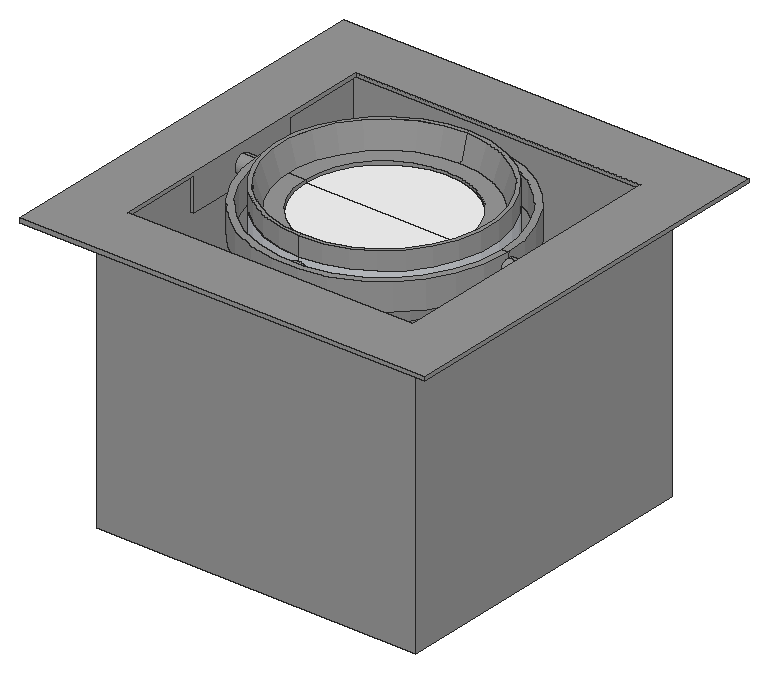
Revit family "0005339", category Lighting Fixtures, host Face, Revit 2017
Family settings
  Host = Face
  Round Connector Dimension = Use Diameter
  Part Type = Normal
  OmniClass Number = 23.80.70.00
  OmniClass Title = Lighting
  Cut with Voids When Loaded = No
  Light Source = No
  Shared = No
  Room Calculation Point = No
Parameters (values of type "0005339+0005334 Ludospot 111 Hous Sqr Rect X1 Cardan WHT + Ludospot 111 3550lm 940 MB")
  Weight = "n/a"
  Wattage Comments = ""
  WarrantyStartDate [instance] = "n/a"
  WarrantyGuarantorParts = "n/a"
  WarrantyDurationUnit = "n/a"
  WarrantyDurationParts = "n/a"
  WarrantyDescription = "n/a"
  Voltage = 230 V
  URL = "http://www.sylvania-lighting.com"
  TypeName = "Ludospot 111 Hous Sqr Rect X1 Cardan WHT + Ludospot 111 3550lm 940 MB"
  TypeLamp_SYL = Ludospot 111 Modules : 0005334 Ludospot 111 3550lm 940 MB
  Type Image = <None>
  Type Comments = "n/a"
  TrimHeight_SYL = 2 mm
  SerialNumber [instance] = "n/a"
  RotationOuterRing_SYL [instance] = 0.00°
  RotationInnerRing_SYL [instance] = 0.00°
  RecessDepth_SYL = 200 mm
  WidthTrim_SYL = 220 mm
  Material_3_SYL = none
  PowerFactor = 0.9
  PowerConsumption = "38 W"
  NominalLength = 200 mm
  NominalHeight = 0 mm
  NominalDepth = 200 mm
  Name = "Ludospot 111 Hous Sqr Rect X1 Cardan WHT + Ludospot 111 3550lm 940 MB"
  ModelReference = Name  # "Ludospot 111 Hous Sqr Rect X1 Cardan WHT + Ludospot 111 3550lm 940 MB"
  ModelNumber = "0005339+0005334"
  Model = Name  # "Ludospot 111 Hous Sqr Rect X1 Cardan WHT + Ludospot 111 3550lm 940 MB"
  Material = "aluminium housing"
  ManufacturerName = "Feilo Sylvania"
  Manufacturer = "Feilo Sylvania"
  LuminousEfficacy = "93 lm/W"
  LuminaireType = ""
  LightOutputRatio = "n/a"
  LampsType = Lamp  # "LED"
  LampNominalLuminous = "3550 lm"
  LampMacAdamStep = "3"
  LampColourTemperature = "4000 K"
  LampColourRenderingIndex = "90"
  Lamp = "LED"
  Keynote = "16500"
  InstallationDate [instance] = "n/a"
  InputVoltage = "220-240 V AC"
  InputNominalFrequency = "50/60 Hz"
  IngressProtection = "IP20"
  ImpactProtectionIndex = "IK03"
  IfcExportType = "IfcLightFixtureType"
  IfcExportAs = "IfcLightFixtureType"
  EndAngleOuterRing_SYL [instance] = RotationOuterRing_SYL + 180.00°  # 180.00°
  ElectricShockClassification = "n/a"
  DocumentationLiterature = "http://www.sylvania-lighting.com/product/en-int/products/0005339"
  DimmingControlOptions = "n/a"
  Material_2_SYL = none
  Description = ""
  Default Elevation = 1219.2 mm
  CreatedOn = "7/29/2019"
  CreatedBy = "@sylvania-lighting.com"
  Cost = 0
  built-in parameter 1114216 [instance] = (empty or 0)
  ClassificationValue = "EF_70_80"
  ClassificationName = "Uniclass2015"
  Material_1_SYL = Aluminum
  BarCode [instance] = "n/a"
  AssetType = "Fixed"
  AssetIdentifier [instance] = "n/a"
  Assembly Code = "D5020200"
  Apparent Load = 0 VA
  Material_4_SYL = none
Types (4, lengths in mm): name | TypeName | TypeLamp_SYL | PowerConsumption | Name | ModelReference | ModelNumber | Model | LuminousEfficacy | LampNominalLuminous | LampColourTemperature
  0005339+0005334 Ludospot 111 Hous Sqr Rect X1 Cardan WHT + Ludospot 111 3550lm 940 MB | "Ludospot 111 Hous Sqr Rect X1 Cardan WHT + Ludospot 111 3550lm 940 MB" | Ludospot 111 Modules : 0005334 Ludospot 111 3550lm 940 MB | "38 W" | "Ludospot 111 Hous Sqr Rect X1 Cardan WHT + Ludospot 111 3550lm 940 MB" | "Ludospot 111 Hous Sqr Rect X1 Cardan WHT + Ludospot 111 3550lm 940 MB" | "0005339+0005334" | "Ludospot 111 Hous Sqr Rect X1 Cardan WHT + Ludospot 111 3550lm 940 MB" | "93 lm/W" | "3550 lm" | "4000 K"
  0005339+0005333 Ludospot 111 Hous Sqr Rect X1 Cardan WHT + Ludospot 111 3500lm 930 MB | "Ludospot 111 Hous Sqr Rect X1 Cardan WHT + Ludospot 111 3500lm 930 MB" | Ludospot 111 Modules : 0005333 Ludospot 111 3500lm 930 MB | "38 W" | "Ludospot 111 Hous Sqr Rect X1 Cardan WHT + Ludospot 111 3500lm 930 MB" | "Ludospot 111 Hous Sqr Rect X1 Cardan WHT + Ludospot 111 3500lm 930 MB" | "0005339+0005333" | "Ludospot 111 Hous Sqr Rect X1 Cardan WHT + Ludospot 111 3500lm 930 MB" | "92 lm/W" | "3500 lm" | "3000 K"
  0005339+0005332 Ludospot 111 Hous Sqr Rect X1 Cardan WHT + Ludospot 111 2225lm 940 MB | "Ludospot 111 Hous Sqr Rect X1 Cardan WHT + Ludospot 111 2225lm 940 MB" | Ludospot 111 Modules : 0005332 Ludospot 111 2225lm 940 MB | "24 W" | "Ludospot 111 Hous Sqr Rect X1 Cardan WHT + Ludospot 111 2225lm 940 MB" | "Ludospot 111 Hous Sqr Rect X1 Cardan WHT + Ludospot 111 2225lm 940 MB" | "0005339+0005332" | "Ludospot 111 Hous Sqr Rect X1 Cardan WHT + Ludospot 111 2225lm 940 MB" | "93 lm/W" | "2225 lm" | "4000 K"
  0005339+0005331 Ludospot 111 Hous Sqr Rect X1 Cardan WHT + Ludospot 111 2025lm 930 MB | "Ludospot 111 Hous Sqr Rect X1 Cardan WHT + Ludospot 111 2025lm 930 MB" | Ludospot 111 Modules : 0005331 Ludospot 111 2025lm 930 MB | "24 W" | "Ludospot 111 Hous Sqr Rect X1 Cardan WHT + Ludospot 111 2025lm 930 MB" | "Ludospot 111 Hous Sqr Rect X1 Cardan WHT + Ludospot 111 2025lm 930 MB" | "0005339+0005331" | "Ludospot 111 Hous Sqr Rect X1 Cardan WHT + Ludospot 111 2025lm 930 MB" | "84 lm/W" | "2025 lm" | "3000 K"
Reference planes
  plane 1 "Center (Front/Back)": y = 0
  plane 2: z = 0
  plane 3 "Center (Left/Right)": x = 0
  plane 4: z = -200
  plane 5: x = -110
  plane 6: z = 2
  plane 7: x = 110
  plane 8: y = 110
  plane 9: y = -110
  plane 10: x = -85
  plane 11: x = 85
  plane 12: y = 85
  plane 13: y = -85
  plane 14: y = 32.5
  plane 15: y = -32.5
  plane 16: x = 77.5
  plane 17: x = -77.5
  plane 18: y = 77.5
  plane 19: y = -77.5
  plane 20: z = -151
  plane 21: z = -149
  plane 22: x = -79.5
  plane 23: x = 79.5
  plane 24: z = -18
  plane 25: z = -8
Forms (mm)
  Extrusion 1, solid, material "Aluminum" <- "Material_1_SYL"
    sketch origin (0, 0, 0) x (1, 0, 0) y (0, 1, 0)
      loop
        line (-110, 110) -> (-110, -110) -> (110, -110) -> (110, 110) -> (-110, 110)
    from 0 to 2
  Extrusion 2, void
    sketch origin (0, 0, 0) x (1, 0, 0) y (0, 1, 0)
      loop
        line (-85, 85) -> (-85, -85) -> (85, -85) -> (85, 85) -> (-85, 85)
    from 0 to -200
  Extrusion 3, void
    sketch origin (0, 0, 0) x (1, 0, 0) y (0, 1, 0)
      loop
        line (-77.5, 77.5) -> (-77.5, -77.5) -> (77.5, -77.5) -> (77.5, 77.5) -> (-77.5, 77.5)
    from 0 to 2
  Extrusion 4, solid, material "Aluminum" <- "Material_1_SYL"
    sketch origin (0, 0, 0) x (1, 0, 0) y (0, 1, 0)
      loop
        line (-85, 85) -> (-85, -85) -> (85, -85) -> (85, 85) -> (-85, 85)
      loop
        line (-87, 87) -> (-87, -87) -> (87, -87) -> (87, 87) -> (-87, 87)
    from 0 to -151
  Extrusion 5, solid, material "Aluminum" <- "Material_1_SYL"
    sketch origin (178.584, -4572, -151) x (0, -1, 0) y (-1, 0, 0)
      loop
        line (-4657, 263.584) -> (-4657, 93.584) -> (-4487, 93.584) -> (-4487, 263.584) -> (-4657, 263.584)
    from 0 to -2
  Extrusion 6, solid, material "Aluminum" <- "Material_1_SYL"
    sketch origin (0, 0, 0) x (1, 0, 0) y (0, 1, 0)
      loop
        line (-77.5, 32.5) -> (-79.5, 32.5) -> (-79.5, -32.5) -> (-77.5, -32.5) -> (-77.5, 32.5)
      loop
        line (77.5, 32.5) -> (77.5, -32.5) -> (79.5, -32.5) -> (79.5, 32.5) -> (77.5, 32.5)
    from 0 to -18
  Revolve 7, solid, not visible
    sketch origin (178.584, -4572, -8) x (0, -1, 0) y (1, 0, 0)
      loop
        line (-4572, -178.584) -> (-4582, -178.584) -> (-4582, -203.584) -> (-4572, -203.584) -> (-4572, -178.584)
      axis (-4572, -178.584) -> (-4572, -203.584)
    angle from 0 <- "RotationOuterRing_SYL" to 180 <- "EndAngleOuterRing_SYL"
Cuts and joins
  Extrusion 2, Extrusion 3 cuts Extrusion 1
  joined: Extrusion 1, Extrusion 6
  joined: Extrusion 4, Extrusion 5
Dimensions and locks
  equal spacing: host sketch curve, plane 1 "Center (Front/Back)", host sketch curve
  equal spacing: host sketch curve, plane 3 "Center (Left/Right)", host sketch curve
  "RecessDepth_SYL": plane 2 to plane 4
  "TrimHeight_SYL": plane 6 to plane 2
  equal spacing: plane 5, plane 3 "Center (Left/Right)", plane 7
  "WidthTrim_SYL": plane 5 to plane 7
  equal spacing: plane 9, plane 1 "Center (Front/Back)", plane 8
  "WidthTrim_SYL": plane 9 to plane 8
  equal spacing: plane 10, plane 3 "Center (Left/Right)", plane 11
  locked: plane 10 to plane 11 at 170
  equal spacing: plane 13, plane 1 "Center (Front/Back)", plane 12
  locked: plane 13 to plane 12 at 170
  equal spacing: plane 15, plane 1 "Center (Front/Back)", plane 14
  locked: plane 15 to plane 14 at 65
  equal spacing: plane 17, plane 3 "Center (Left/Right)", plane 16
  locked: plane 17 to plane 16 at 155
  equal spacing: plane 19, plane 1 "Center (Front/Back)", plane 18
  locked: plane 19 to plane 18 at 155
  locked: plane 2 to plane 20 at 151
  Extrusion 5 sketch curve to Extrusion 5 sketch curve to plane 7 = 170 mm, 25 mm
  locked: plane 21 to plane 20 at 2
  equal spacing: plane 22, plane 3 "Center (Left/Right)", plane 23
  locked: plane 22 to plane 17 at 2
  locked: plane 6 to plane 24 at 20
  equal spacing: plane 6, plane 25, plane 24
  aligned and locked: plane 2 to host face
  aligned and locked: level to host face
  aligned and locked: plane 8 to Extrusion 1 sketch curve
  aligned and locked: plane 5 to Extrusion 1 sketch curve
  aligned and locked: Extrusion 1 sketch curve to plane 9
  aligned and locked: Extrusion 1 sketch curve to plane 7
  aligned and locked: Extrusion 1 to plane 6
  aligned and locked: Extrusion 1 to level
  aligned and locked: plane 12 to Extrusion 2 sketch curve
  aligned and locked: plane 10 to Extrusion 2 sketch curve
  aligned and locked: Extrusion 2 sketch curve to plane 13
  aligned and locked: Extrusion 2 sketch curve to plane 11
  aligned and locked: plane 4 to Extrusion 2
  aligned and locked: level to Extrusion 2
  aligned and locked: plane 18 to Extrusion 3 sketch curve
  aligned and locked: plane 17 to Extrusion 3 sketch curve
  aligned and locked: Extrusion 3 sketch curve to plane 19
  aligned and locked: Extrusion 3 sketch curve to plane 16
  aligned and locked: Extrusion 3 to plane 6
  aligned and locked: Extrusion 3 to level
  aligned and locked: level to Extrusion 4
  aligned and locked: plane 12 to Extrusion 4 sketch curve
  aligned and locked: plane 10 to Extrusion 4 sketch curve
  aligned and locked: Extrusion 4 sketch curve to plane 13
  aligned and locked: Extrusion 4 sketch curve to plane 11
  aligned and locked: plane 20 to Extrusion 4
  aligned and locked: plane 2 to Extrusion 4
  aligned and locked: plane 12 to Extrusion 5 sketch curve
  aligned and locked: Extrusion 5 sketch curve to plane 13
  aligned and locked: Extrusion 5 to plane 21
  aligned and locked: Extrusion 4 to Extrusion 5
  aligned and locked: Extrusion 6 sketch curve to plane 14
  aligned and locked: plane 17 to Extrusion 6 sketch curve
  aligned and locked: plane 15 to Extrusion 6 sketch curve
  aligned and locked: Extrusion 6 sketch curve to plane 22
  aligned and locked: plane 14 to Extrusion 6 sketch curve
  aligned and locked: plane 16 to Extrusion 6 sketch curve
  aligned and locked: Extrusion 6 sketch curve to plane 15
  aligned and locked: Extrusion 6 sketch curve to plane 23
  aligned and locked: plane 24 to Extrusion 6
  aligned and locked: level to Extrusion 6
  aligned and locked: Revolve 7 sketch curve to plane 1 "Center (Front/Back)"
  aligned and locked: Revolve 7 sketch curve to Revolve 7 sketch curve
  aligned and locked: plane 3 "Center (Left/Right)" to Revolve 7 sketch curve
Automatic sketch dimensions
  Extrusion 4 sketch curve to plane 10 = 2 mm
  plane 11 to Extrusion 4 sketch curve = 2 mm
  plane 13 to Extrusion 4 sketch curve = 2 mm
  Extrusion 4 sketch curve to plane 12 = 2 mm
  Revolve 7 sketch curve to plane 1 "Center (Front/Back)" = 10 mm
  Revolve 7 sketch curve to Revolve 7 sketch curve = 25 mm
  Revolve 7 sketch curve to plane 5 = 1414 mm
  plane 7 to Revolve 7 sketch curve = 1414 mm
Nested families
  nested 1: "0005339_outer_ring" at (0, 0, -8) x (-1, 0, 0) z (0, 0, 1), RotationInnerRing_SYL <- "RotationInnerRing_SYL", type "Type 1"
    with WarrantyStartDate "n/a", SerialNumber "n/a", RotationInnerRing_SYL 0.00°, InstallationDate "n/a", EndAngleInnerRing_SYL 180.00°, built-in parameter 1114216 (empty or 0), BarCode "n/a", AssetIdentifier "n/a"
  nested 2: "0005339_inner_ring" at (0, 0, -8) x (0, 1, 0) z (0, 0, -1), type "Type 1"
    with WarrantyStartDate "n/a", SerialNumber "n/a", InstallationDate "n/a", built-in parameter 1114216 (empty or 0), BarCode "n/a", AssetIdentifier "n/a"
  nested 3: "Ludospot 111 Modules" at (0, 0, -3.75) x (-1, 0, 0) z (0, 0, 1), type <- "TypeLamp_SYL", type "0005334 Ludospot 111 3550lm 940 MB"
    with WarrantyStartDate "n/a", SerialNumber "n/a", InstallationDate "n/a", built-in parameter 1114216 (empty or 0), BarCode "n/a", AssetIdentifier "n/a"
Definition of nested family "0005339_outer_ring"
  Parameters (values of type "Type 1")
    Wattage Comments = ""
    WarrantyStartDate [instance] = "n/a"
    WarrantyGuarantorParts = "n/a"
    WarrantyDurationUnit = "n/a"
    WarrantyDurationParts = "n/a"
    WarrantyDescription = "n/a"
    URL = "http://www.sylvania-lighting.com"
    TypeName = ""
    Type Image = (empty or 0)
    Type Comments = "n/a"
    SerialNumber [instance] = "n/a"
    RotationInnerRing_SYL [instance] = 0.00°
    Material_3_SYL = none
    NominalLength = 110 mm
    NominalHeight = 0 mm
    NominalDepth = 110 mm
    Name = ""
    ModelReference = Name  # ""
    ModelNumber = ""
    Model = Name  # ""
    Material = ""
    ManufacturerName = "Feilo Sylvania"
    Manufacturer = "Feilo Sylvania"
    Lamp = "LED"
    Keynote = "16500"
    InstallationDate [instance] = "n/a"
    IfcExportType = "IfcLightFixtureType"
    IfcExportAs = "IfcLightFixtureType"
    EndAngleInnerRing_SYL [instance] = RotationInnerRing_SYL + 180.00°  # 180.00°
    DocumentationLiterature = ""
    Material_2_SYL = none
    Description = ""
    Default Elevation = 1219.2 mm
    CreatedOn = "7/29/2019"
    CreatedBy = "@sylvania-lighting.com"
    Cost = 0
    built-in parameter 1114216 [instance] = (empty or 0)
    ClassificationValue = "EF_70_80"
    ClassificationName = "Uniclass2015"
    Material_1_SYL = none
    BarCode [instance] = "n/a"
    AssetType = "Fixed"
    AssetIdentifier [instance] = "n/a"
    Assembly Code = "D5020200"
    Apparent Load = 0 VA
    Material_4_SYL = none
  Reference planes
    plane 1 "Center (Front/Back)": y = 0
    plane 2: z = 0
    plane 3 "Center (Left/Right)": x = 0
    plane 4: x = -64
    plane 5: x = -67.5
    plane 6: z = 7.5
    plane 7: z = -7.5
    plane 8: z = 5
    plane 9: z = -5
    plane 10: x = -77.5
    plane 11: x = 67.5
    plane 12: x = 77.5
    plane 13: x = -10
    plane 14: y = 10
  Forms (mm)
    Extrusion 1, solid
      sketch origin (4.2, 0, 0) x (1, 0, 0) y (0, 1, 0)
        loop
          line (-44.2, 40) -> (-44.2, -40) -> (35.8, -40) -> (35.8, 40) -> (-44.2, 40)
      from 0 to -68.017
    Revolve 2, solid, material <- "Material_1_SYL"
      sketch origin (0, 0, 0) x (1, 0, 0) y (0, 0, 1)
        loop
          line (-67.5, 7.5) -> (-67.5, -7.5) -> (-64, -7.5) -> (-64, 7.5) -> (-67.5, 7.5)
        axis (0, 7.5) -> (0, -7.5)
      angle from 360 to 0
    Revolve 3, solid, material <- "Material_1_SYL"
      sketch origin (0, 0, 0) x (1, 0, 0) y (0, 0, 1)
        loop
          line (-67.5, 0) -> (-67.5, 5) -> (-77.5, 5) -> (-77.5, 0) -> (-67.5, 0)
        loop
          line (77.5, 0) -> (77.5, 5) -> (67.5, 5) -> (67.5, 0) -> (77.5, 0)
        axis (-77.5, 0) -> (77.5, 0)
      angle from 360 to 0
    Revolve 4, solid, not visible
      sketch origin (0, 0, 0) x (1, 0, 0) y (0, 1, 0)
        loop
          line (0, 10) -> (-10, 10) -> (-10, 0) -> (0, 0) -> (0, 10)
        axis (0, 10) -> (0, 0)
      angle from 0 <- "RotationInnerRing_SYL" to 180 <- "EndAngleInnerRing_SYL"
  Dimensions and locks
    equal spacing: Extrusion 1 sketch curve, plane 1 "Center (Front/Back)", Extrusion 1 sketch curve
    equal spacing: Extrusion 1 sketch curve, plane 3 "Center (Left/Right)", Extrusion 1 sketch curve
    locked: plane 3 "Center (Left/Right)" to plane 4 at 64
    equal spacing: plane 6, plane 2, plane 7
    locked: plane 6 to plane 7 at 15
    equal spacing: plane 8, plane 2, plane 9
    locked: plane 8 to plane 9 at 10
    equal spacing: plane 11, plane 3 "Center (Left/Right)", plane 5
    locked: plane 11 to plane 5 at 135
    equal spacing: plane 12, plane 3 "Center (Left/Right)", plane 10
    locked: plane 5 to plane 10 at 10
    locked: plane 1 "Center (Front/Back)" to plane 14 at 10
    locked: plane 13 to plane 3 "Center (Left/Right)" at 10
    aligned and locked: plane 2 to Extrusion 1
    aligned and locked: level to Extrusion 1
    aligned and locked: Revolve 2 sketch curve to plane 3 "Center (Left/Right)"
    aligned and locked: plane 5 to Revolve 2 sketch curve
    aligned and locked: Revolve 2 sketch curve to plane 6
    aligned and locked: plane 7 to Revolve 2 sketch curve
    aligned and locked: Revolve 2 sketch curve to plane 4
    aligned and locked: level to Revolve 3 sketch curve  (x2)
    aligned and locked: Revolve 3 sketch curve to plane 5
    aligned and locked: Revolve 3 sketch curve to plane 8  (x2)
    aligned and locked: plane 10 to Revolve 3 sketch curve
    aligned and locked: Revolve 3 sketch curve to plane 2
    aligned and locked: Revolve 3 sketch curve to plane 12
    aligned and locked: plane 11 to Revolve 3 sketch curve
    aligned and locked: plane 14 to Revolve 4 sketch curve
    aligned and locked: Revolve 4 sketch curve to plane 3 "Center (Left/Right)"  (x2)
    aligned and locked: Revolve 4 sketch curve to plane 1 "Center (Front/Back)"
    aligned and locked: plane 13 to Revolve 4 sketch curve
  Automatic sketch dimensions
    Revolve 2 sketch curve to plane 7 = 602.1 mm
    plane 6 to Revolve 2 sketch curve = 2601.558 mm
    Revolve 3 sketch curve to plane 10 = 1446.5 mm
    plane 12 to Revolve 3 sketch curve = 1582.273 mm
    Revolve 4 sketch curve to Revolve 4 sketch curve = 1524 mm
    Revolve 4 sketch curve to plane 14 = 1514 mm
Definition of nested family "0005339_inner_ring"
  Parameters (values of type "Type 1")
    h = 14.5 mm
    Wattage Comments = ""
    WarrantyStartDate [instance] = "n/a"
    WarrantyGuarantorParts = "n/a"
    WarrantyDurationUnit = "n/a"
    WarrantyDurationParts = "n/a"
    WarrantyDescription = "n/a"
    URL = "http://www.sylvania-lighting.com"
    TypeName = ""
    Type Image = (empty or 0)
    Type Comments = "n/a"
    SerialNumber [instance] = "n/a"
    Material_3_SYL = none
    NominalLength = 110 mm
    NominalHeight = 0 mm
    NominalDepth = 110 mm
    Name = ""
    ModelReference = Name  # ""
    ModelNumber = ""
    Model = Name  # ""
    Material = ""
    ManufacturerName = "Feilo Sylvania"
    Manufacturer = "Feilo Sylvania"
    Lamp = "LED"
    Keynote = "16500"
    InstallationDate [instance] = "n/a"
    IfcExportType = "IfcLightFixtureType"
    IfcExportAs = "IfcLightFixtureType"
    DocumentationLiterature = ""
    Material_2_SYL = none
    Description = ""
    Default Elevation = 1219.2 mm
    CreatedOn = "7/29/2019"
    CreatedBy = "@sylvania-lighting.com"
    Cost = 0
    built-in parameter 1114216 [instance] = (empty or 0)
    ClassificationValue = "EF_70_80"
    ClassificationName = "Uniclass2015"
    Material_1_SYL = none
    BarCode [instance] = "n/a"
    AssetType = "Fixed"
    AssetIdentifier [instance] = "n/a"
    Assembly Code = "D5020200"
    Apparent Load = 0 VA
    Material_4_SYL = none
    21 = 116.5 mm
  Reference planes
    plane 1 "Center (Front/Back)": y = 0
    plane 2: z = 0
    plane 3 "Center (Left/Right)": x = 0
    plane 4: x = -64
    plane 5: x = -58.25
    plane 6: z = 7.25
    plane 7: z = -7.25
    plane 8: z = 5
    plane 9: z = -5
    plane 10: x = 58.25
    plane 11: x = 64
    plane 12: x = -10
    plane 13: y = 10
    plane 14: x = -56.25
    plane 15: z = -17.25
    plane 16: x = -52.05
    plane 17: z = -4.25
    plane 18: x = -53.05
    plane 19: z = 5.25
  Forms (mm)
    Extrusion 1, solid
      sketch origin (4.2, 0, 0) x (1, 0, 0) y (0, 1, 0)
        loop
          line (-44.2, 40) -> (-44.2, -40) -> (35.8, -40) -> (35.8, 40) -> (-44.2, 40)
      from 0 to -68.017
    Revolve 2, solid, material <- "Material_1_SYL"
      sketch origin (0, 0, 0) x (1, 0, 0) y (0, 0, 1)
        loop
          line (-58.25, 0) -> (-58.25, 5) -> (-64, 5) -> (-64, 0) -> (-58.25, 0)
        loop
          line (64, 0) -> (64, 5) -> (58.25, 5) -> (58.25, 0) -> (64, 0)
        axis (-64, 0) -> (64, 0)
      angle from 360 to 0
    Revolve 3, solid
      sketch origin (0, 0, 0) x (1, 0, 0) y (0, 0, 1)
        loop
          line (-58.25, -7.25) -> (-56.25, -7.25) -> (-56.25, 5.25) -> (-53.05, 5.25) -> (-53.05, 7.25) -> (-58.25, 7.25) -> (-58.25, -7.25)
        axis (0, 7.25) -> (0, -7.25)
      angle from 360 to 0
    Revolve 4, solid, material <- "Material_1_SYL"
      sketch origin (0, 0, 0) x (1, 0, 0) y (0, 0, 1)
        loop
          line (-52.05, -4.25) -> (-56.25, -4.25) -> (-56.25, -7.25) -> (-58.25, -7.25) -> (-58.25, -17.25) -> (-56.25, -17.25) -> (-52.05, -4.25)
        axis (0, -4.25) -> (0, -17.25)
      angle from 360 to 0
  Dimensions and locks
    equal spacing: Extrusion 1 sketch curve, plane 1 "Center (Front/Back)", Extrusion 1 sketch curve
    equal spacing: Extrusion 1 sketch curve, plane 3 "Center (Left/Right)", Extrusion 1 sketch curve
    equal spacing: plane 6, plane 2, plane 7
    "h": plane 6 to plane 7
    equal spacing: plane 8, plane 2, plane 9
    locked: plane 8 to plane 9 at 10
    equal spacing: plane 10, plane 3 "Center (Left/Right)", plane 5
    "21": plane 10 to plane 5
    locked: plane 1 "Center (Front/Back)" to plane 13 at 10
    locked: plane 12 to plane 3 "Center (Left/Right)" at 10
    locked: plane 14 to plane 5 at 2
    locked: plane 18 to plane 5 at 5.2
    locked: plane 6 to plane 19 at 2
    plane 11 to plane 3 "Center (Left/Right)" to plane 4 = 64 mm locked, 64 mm locked
    aligned and locked: plane 2 to Extrusion 1
    aligned and locked: level to Extrusion 1
    aligned and locked: level to Revolve 2 sketch curve  (x2)
    aligned and locked: Revolve 2 sketch curve to plane 5
    aligned and locked: Revolve 2 sketch curve to plane 8  (x2)
    aligned and locked: Revolve 2 sketch curve to plane 2
    aligned and locked: Revolve 2 sketch curve to plane 11
    aligned and locked: plane 10 to Revolve 2 sketch curve
    aligned and locked: plane 4 to Revolve 2 sketch curve
    aligned and locked: plane 5 to Revolve 3 sketch curve
    aligned and locked: plane 7 to Revolve 3 sketch curve
    aligned and locked: Revolve 3 sketch curve to plane 14
    aligned and locked: plane 16 to Revolve 4 sketch curve
    aligned and locked: plane 17 to Revolve 4 sketch curve
    aligned and locked: Revolve 4 sketch curve to plane 14
    aligned and locked: Revolve 4 sketch curve to Revolve 3  (x2)
    aligned and locked: Revolve 4 sketch curve to plane 15
    aligned and locked: Revolve 4 sketch curve to plane 3 "Center (Left/Right)"
    aligned and locked: Revolve 3 sketch curve to plane 18
    aligned and locked: plane 19 to Revolve 3 sketch curve
    aligned and locked: Revolve 3 sketch curve to plane 6
  Automatic sketch dimensions
    Revolve 2 sketch curve to plane 4 = 1450.75 mm
    Revolve 2 sketch curve to Revolve 2 sketch curve = 1582.273 mm
    Revolve 4 sketch curve to plane 14 = 0 mm
    Revolve 4 sketch curve to plane 15 = 592.35 mm
    plane 6 to Revolve 4 sketch curve = 2601.808 mm
    Revolve 3 sketch curve to plane 3 "Center (Left/Right)" = 0 mm
    Revolve 3 sketch curve to plane 15 = 592.35 mm
    plane 6 to Revolve 3 sketch curve = 2601.808 mm
Definition of nested family "Ludospot 111 Modules"
  Parameters (values of type "0005331 Ludospot 111 2025lm 930 MB")
    Weight = "n/a"
    Wattage Comments = ""
    Wattage = 24 W
    WarrantyStartDate [instance] = "n/a"
    WarrantyGuarantorParts = "n/a"
    WarrantyDurationUnit = "n/a"
    WarrantyDurationParts = "n/a"
    WarrantyDescription = "n/a"
    built-in parameter 1150110 = 1 (stored number, unit not read)
    Voltage = 230 V
    URL = "http://www.sylvania-lighting.com"
    TypeName = "Ludospot 111 2025lm 930 MB"
    Type Image = (empty or 0)
    Type Comments = "n/a"
    built-in parameter 1114217 = 1 (stored number, unit not read)
    Tilt Angle = -90.00°
    built-in parameter 1150109 = 1 (stored number, unit not read)
    built-in parameter 1150134 = (empty or 0)
    built-in parameter 1150113 = 1 (stored number, unit not read)
    SlopeHeight_SYL = if(S_SYL, 30 mm, 20 mm)  # 30 mm
    SerialNumber [instance] = "n/a"
    S_SYL = yes
    RingHeight_SYL = if(S_SYL, 2.6 mm, 3.6 mm)  # 2.6 mm
    Radius_SYL = 55.5 mm
    RadiusDiff_SYL = 42.8 mm
    Radius4_SYL = if(S_SYL, 52 mm, 47.4 mm)  # 52 mm
    Radius3_SYL = 53.8 mm
    Radius2_SYL = 52.4 mm
    Photometric Web File = "0005331.ies"
    Material_3_SYL = none
    PowerFactor = 0.9
    PowerConsumption = "24 W"
    NominalLength = 111 mm
    NominalHeight = 43 mm
    NominalDepth = 111 mm
    Name = "Ludospot 111 2025lm 930 MB"
    ModelReference = Name  # "Ludospot 111 2025lm 930 MB"
    ModelNumber = "0005331"
    Model = Name  # "Ludospot 111 2025lm 930 MB"
    Material = "aluminium housing"
    ManufacturerName = "Feilo Sylvania"
    Manufacturer = "Feilo Sylvania"
    LuminousEfficacy = "84 lm/W"
    built-in parameter 1150105 = 160.43 (stored number, unit not read)
    Lumens = 2016 lm
    LuminaireType = ""
    built-in parameter 1150115 = 1 (stored number, unit not read)
    LightOutputRatio = "n/a"
    built-in parameter 1150137 = (empty or 0)
    built-in parameter 1150139 = (empty or 0)
    LampsType = Lamp  # "LED"
    LampNominalLuminous = "2025 lm"
    LampMacAdamStep = "3"
    LampColourTemperature = "3000 K"
    LampColourRenderingIndex = "90"
    built-in parameter 1150112 = 1 (stored number, unit not read)
    built-in parameter 1150114 = 1 (stored number, unit not read)
    Lamp = "LED"
    Keynote = "16500"
    InstallationDate [instance] = "n/a"
    InputVoltage = "220-240 V AC"
    InputNominalFrequency = "50/60 Hz"
    built-in parameter 1150132 = (empty or 0)
    built-in parameter 1150102 = (empty or 0)
    built-in parameter 1150107 = 3000 (stored number, unit not read)
    built-in parameter 1150138 = (empty or 0)
    IngressProtection = "IP20"
    ImpactProtectionIndex = "IK03"
    built-in parameter 1150106 = 1.6043 (stored number, unit not read)
    IfcExportType = "IfcLightFixtureType"
    IfcExportAs = "IfcLightFixtureType"
    Height_SYL = if(S_SYL, 42.6 mm, 82.5 mm)  # 42.6 mm
    Emit from Circle Diameter = RadiusDiff_SYL * 2  # 85.6 mm
    Emit Shape Visible in Rendering = no
    ElectricShockClassification = "Class II"
    built-in parameter 1150104 = 7.8039 (stored number, unit not read)
    DocumentationLiterature = "http://www.sylvania-lighting.com/product/en-int/products/0005331"
    DimmingControlOptions = "n/a"
    Material_2_SYL = none
    Dimming Lamp Color Temperature Shift = (empty or 0)
    Description = ""
    Default Elevation = 1219.2 mm
    CreatedOn = "7/29/2019"
    CreatedBy = "@sylvania-lighting.com"
    Cost = 0
    Color Filter = 16777215
    built-in parameter 1114216 [instance] = (empty or 0)
    ClassificationValue = "EF_70_80"
    ClassificationName = "Uniclass2015"
    Material_1_SYL = none
    BarCode [instance] = "n/a"
    built-in parameter 1114218 = 1 (stored number, unit not read)
    built-in parameter 1150133 = 10 (stored number, unit not read)
    AssetType = "Fixed"
    AssetIdentifier [instance] = "n/a"
    Assembly Code = "D5020200"
    Apparent Load = 24 VA
    Material_4_SYL = none
  Types (4, lengths in mm): name | Wattage | TypeName | built-in parameter 1150134 | SlopeHeight_SYL | S_SYL | RingHeight_SYL | Radius4_SYL | Photometric Web File | PowerConsumption | NominalHeight | Name | ModelReference | ModelNumber | Model | LuminousEfficacy | built-in parameter 1150105 | Lumens | LampNominalLuminous | LampColourTemperature | built-in parameter 1150107 | built-in parameter 1150106 | Height_SYL | built-in parameter 1150104 | DocumentationLiterature | Apparent Load
    0005334 Ludospot 111 3550lm 940 MB | 38 W | "Ludospot 111 3550lm 940 MB" | 12 | 20 | no | 3.6 | 47.4 | "0005334.ies" | "38 W" | 80 | "Ludospot 111 3550lm 940 MB" | "Ludospot 111 3550lm 940 MB" | "0005334" | "Ludospot 111 3550lm 940 MB" | "93 lm/W" | 281.23 (stored number, unit not read) | 3534 lm | "3550 lm" | "4000 K" | 4000 (stored number, unit not read) | 2.8123 (stored number, unit not read) | 82.5 | 8.64 (stored number, unit not read) | "http://www.sylvania-lighting.com/product/en-int/products/0005334" | 38 VA
    0005333 Ludospot 111 3500lm 930 MB | 38 W | "Ludospot 111 3500lm 930 MB" | (empty or 0) | 20 | no | 3.6 | 47.4 | "0005333.ies" | "38 W" | 80 | "Ludospot 111 3500lm 930 MB" | "Ludospot 111 3500lm 930 MB" | "0005333" | "Ludospot 111 3500lm 930 MB" | "92 lm/W" | 278.2 (stored number, unit not read) | 3496 lm | "3500 lm" | "3000 K" | 3000 (stored number, unit not read) | 2.782 (stored number, unit not read) | 82.5 | 8.5471 (stored number, unit not read) | "http://www.sylvania-lighting.com/product/en-int/products/0005333" | 38 VA
    0005332 Ludospot 111 2225lm 940 MB | 24 W | "Ludospot 111 2225lm 940 MB" | 12 | 30 | yes | 2.6 | 52 | "0005332.ies" | "24 W" | 43 | "Ludospot 111 2225lm 940 MB" | "Ludospot 111 2225lm 940 MB" | "0005332" | "Ludospot 111 2225lm 940 MB" | "93 lm/W" | 177.62 (stored number, unit not read) | 2232 lm | "2225 lm" | "4000 K" | 4000 (stored number, unit not read) | 1.7762 (stored number, unit not read) | 42.6 | 8.64 (stored number, unit not read) | "http://www.sylvania-lighting.com/product/en-int/products/0005332" | 24 VA
    0005331 Ludospot 111 2025lm 930 MB | 24 W | "Ludospot 111 2025lm 930 MB" | (empty or 0) | 30 | yes | 2.6 | 52 | "0005331.ies" | "24 W" | 43 | "Ludospot 111 2025lm 930 MB" | "Ludospot 111 2025lm 930 MB" | "0005331" | "Ludospot 111 2025lm 930 MB" | "84 lm/W" | 160.43 (stored number, unit not read) | 2016 lm | "2025 lm" | "3000 K" | 3000 (stored number, unit not read) | 1.6043 (stored number, unit not read) | 42.6 | 7.8039 (stored number, unit not read) | "http://www.sylvania-lighting.com/product/en-int/products/0005331" | 24 VA
  Reference planes
    plane 1 "Center (Front/Back)": y = 0
    plane 2: z = 0
    plane 3 "Center (Left/Right)": x = 0
    plane 4: x = -55.5
    plane 5: z = -4.35
    plane 6: x = -52.4
    plane 7: z = -9.75
    plane 8: x = -42.8
    plane 9: z = -1.75
    plane 10: x = -53.8
    plane 11: x = -52
    plane 12: z = -39.75
    plane 13: z = 40.75
    plane 14: z = -42.6
  Forms (mm)
    Extrusion 1, solid
      sketch origin (1119.2, -1119.2, 0) x (1, 0, 0) y (0, 1, 0)
        loop
          line (-1219.2, 1219.2) -> (-1219.2, 1019.2) -> (-1019.2, 1019.2) -> (-1019.2, 1219.2) -> (-1219.2, 1219.2)
      from 0 to -10
    Revolve 2, solid, material <- "Material_1_SYL"
      sketch origin (0, 0, 0) x (1, 0, 0) y (0, 0, 1)
        loop
          line (0, -1.75) -> (-42.8, -1.75) -> (-42.8, 0) -> (-52.4, 0) -> (-52.4, -1.75) -> (-55.5, -1.75) -> (-55.5, -4.35) -> (-53.8, -4.35) -> (-53.8, -9.75) -> (-52, -9.75) -> (-42.8, -39.75) -> (-42.8, -42.6) -> (0, -42.6) -> (0, -1.75)
        axis (0, 0) -> (0, -42.6)
      angle from 360 to 0
  Dimensions and locks
    "Radius_SYL": plane 3 "Center (Left/Right)" to plane 4
    "Radius2_SYL": plane 3 "Center (Left/Right)" to plane 6
    "RadiusDiff_SYL": plane 3 "Center (Left/Right)" to plane 8
    locked: plane 2 to plane 9 at 1.75
    "RingHeight_SYL": plane 9 to plane 5
    locked: plane 5 to plane 7 at 5.4
    "Radius3_SYL": plane 3 "Center (Left/Right)" to plane 10
    "Radius4_SYL": plane 3 "Center (Left/Right)" to plane 11
    "SlopeHeight_SYL": plane 7 to plane 12
    "Height_SYL": level to plane 14
    aligned and locked: plane 2 to Extrusion 1
    aligned and locked: level to Extrusion 1
    aligned and locked: plane 3 "Center (Left/Right)" to imposter light
    aligned and locked: imposter light to plane 1 "Center (Front/Back)"
    aligned and locked: Revolve 2 sketch curve to plane 9  (x2)
    aligned and locked: plane 8 to Revolve 2 sketch curve
    aligned and locked: level to Revolve 2 sketch curve
    aligned and locked: Revolve 2 sketch curve to plane 6
    aligned and locked: Revolve 2 sketch curve to plane 4
    aligned and locked: plane 5 to Revolve 2 sketch curve
    aligned and locked: plane 7 to Revolve 2 sketch curve
    aligned and locked: plane 10 to Revolve 2 sketch curve
    aligned and locked: plane 12 to Revolve 2 sketch curve
    aligned and locked: Revolve 2 sketch curve to plane 8
    aligned and locked: plane 14 to Revolve 2 sketch curve
    aligned and locked: plane 3 "Center (Left/Right)" to Revolve 2 sketch curve
    aligned and locked: Revolve 2 sketch curve to plane 3 "Center (Left/Right)"
    aligned and locked: imposter light to plane 9
  Automatic sketch dimensions
    Extrusion 1 sketch curve to Extrusion 1 sketch curve = 200 mm  (x2)
    plane 11 to Revolve 2 sketch curve = 0 mm
    plane 14 to Revolve 2 sketch curve = 527.1 mm
    Revolve 2 sketch curve to plane 13 = 2568.308 mm
